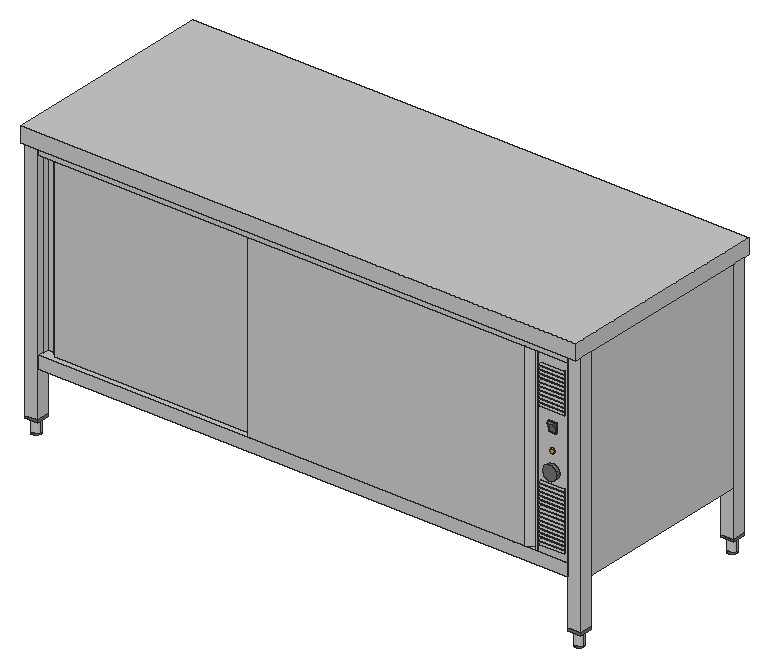
Revit family "QF_ELECTROLUXPROFESSIONAL_134048_GTC1800E", category Attrezzature speciali, Revit 2020
Family settings
  Quota connettore circolare = Usa diametro
  Tipo di parte = Normale
  Basato su piano di lavoro = No
  Sempre verticale = Sì
  Taglio con vuoti quando caricato = No
  Condiviso = No
  Punto di calcolo locali = No
Parameters (values of type "Standard")
  Weight = 100.00 kg
  Watts = 2530 W
  Volts = 220 V
  URL Manufacturer = "https://www.electroluxprofessional.com/"
  URL = "https://www.electroluxprofessional.com/"
  Steam Supply Size = 0 mm
  Steam Supply Minimum Pressure = 0.0 Pa
  Steam Supply Maximum Pressure = 0.0 Pa
  Steam Consumption per Hour = 0
  Refrigeration Suction Line Size = 0.0 mm
  Refrigeration Liquid Line Size = 0.0 mm
  Refrigerant Compressor Remote = yes
  Prospetto di default = 0.0 mm
  Produttore = "Electrolux Professional"
  Phase = 1
  Modello = "GTC1800E"
  Length Actual = 1800.0 mm  # constant formula
  Item Number = "134048"
  Hot Water Size = 0 mm
  Height Actual = 900.0 mm  # constant formula
  HP = "3.4 HP"
  Gas Size = 0 mm
  Gas KW = 0
  Gas Input Pressure = 0 W
  Direct Waste Size = 0 mm
  Descrizione = "HOT CUPBOARD 1800 MM"
  Depth Actual = 700.0 mm  # constant formula
  Cycle = 50 Hz
  Condensate Return Size = 0 mm
  Compressed Air Volume = 0.0 L/s
  Compressed Air Size = 0 mm
  Compressed Air Pressure = 0.0 Pa
  Cold Water Size = 0 mm
  Accessory = yes
Reference planes
  plane 1 "Center (Front/Back)": y = 0
  plane 2: z = 0
  plane 3 "Center (Left/Right)": x = -400
  plane 4 "LEFT": x = -1300
  plane 5 "RIGHT": x = 500
  plane 6 "BACK": y = 350
  plane 7 "FRONT": y = -350
  plane 8 "Base": z = 850
  plane 9 "TOP": z = 900
  plane 10: x = -1280
  plane 11: x = 480
  plane 12: y = 310
  plane 13: y = -310
  plane 14 "BodyLeft": x = -1300
  plane 15 "BodyFront": y = -330
  plane 16 "BodyRight": x = 500
  plane 17 "BodyBack": y = 330
  plane 18 "FEET": z = 200
  plane 19: x = -320
  plane 20: x = -580
  plane 21 "AxeSlideDoor": x = -450
  plane 22: x = 360
  plane 23: x = 410
  plane 24: y = -160
Forms (mm)
  Extrusion 1, solid, material "QF_Finishes_Stainless Steel"
    sketch origin (-400, 0, 0) x (0, 1, 0) y (0, 0, 1)
      loop
        line (-350, 850) -> (350, 850) -> (350, 900) -> (-350, 900) -> (-350, 850)
    from 900 to -900
  Extrusion 2, solid, material "QF_Finishes_Stainless Steel"
    sketch origin (0, 0, 200) x (-1, 0, 0) y (0, -1, 0)
      loop
        line (1300, -290) -> (1300, 290) -> (1260, 290) -> (1260, -290) -> (1300, -290)
      loop
        line (-460, -290) -> (-460, 290) -> (-500, 290) -> (-500, -290) -> (-460, -290)
    from 0 to 650
  Extrusion 3, solid, material "QF_Finishes_Stainless Steel"
    sketch origin (0, 0, 200) x (-1, 0, 0) y (0, -1, 0)
      loop
        line (1260, -290) -> (1260, 330) -> (-460, 330) -> (-460, -290) -> (1260, -290)
    from 0 to 40
  Extrusion 4, solid, material "QF_Finishes_Stainless Steel"
    sketch origin (0, 0, 200) x (-1, 0, 0) y (0, -1, 0)
      loop
        line (1260, -290) -> (-460, -290) -> (-460, -330) -> (1260, -330) -> (1260, -290)
    from 0 to 650
  Extrusion 5, solid, material "QF_Finishes_Stainless Steel"
    sketch origin (0, 0, 200) x (-1, 0, 0) y (0, -1, 0)
      loop
        line (-360, 330) -> (-360, 310) -> (580, 310) -> (580, 330) -> (-320, 330) -> (-340, 315) -> (-355, 315) -> (-355, 330) -> (-360, 330)
    from 40 to 620
  Extrusion 6, solid, material "QF_Finishes_Stainless Steel"
    sketch origin (0, 20, 200) x (1, 0, 0) y (0, 1, 0)
      loop
        line (-1260, -330) -> (-1255, -330) -> (-1255, -315) -> (-1240, -315) -> (-1220, -330) -> (-320, -330) -> (-320, -310) -> (-1260, -310) -> (-1260, -330)
    from 40 to 620
  Extrusion 7, solid, material "QF_Finishes_Stainless Steel"
    sketch origin (0, 0, 200) x (-1, 0, 0) y (0, -1, 0)
      loop
        line (1260, 290) -> (-460, 290) -> (-460, -290) -> (1260, -290) -> (1260, 290)
    from 350 to 390
  Extrusion 8, solid, material "QF_Finishes_Stainless Steel"
    sketch origin (0, 0, 200) x (-1, 0, 0) y (0, -1, 0)
      loop
        line (1260, 330) -> (-460, 330) -> (-460, -310) -> (1260, -310) -> (1260, 330)
    from 620 to 650
  Extrusion 9, solid, material "QF_Finishes_Stainless Steel"
    sketch origin (0, 0, 200) x (-1, 0, 0) y (0, -1, 0)
      loop
        circle (-410, 160) r 10
    from 0 to -5
Lines and regions (mm)
  symbolic lines
    curve 1: line (500, 350, 900) -> (-1300, 350, 900)
    curve 2: line (-1300, 350, 900) -> (-1300, -350, 900)
    curve 3: line (-1300, -350, 900) -> (500, -350, 900)
    curve 4: line (500, -350, 900) -> (500, 350, 900)
  symbolic lines, style "SpecialityEquipmentHiddenLines"
    curve 5: line (-1300, 330, 200) -> (500, 330, 200)
    curve 6: line (-1300, -330, 200) -> (-1300, 330, 200)
    curve 7: line (500, -330, 200) -> (-1300, -330, 200)
    curve 8: line (500, 330, 200) -> (500, -330, 200)
    curve 9: line (-1260, -290, 200) -> (-320, -290, 200)
    curve 10: line (-320, -290, 200) -> (-320, -310, 200)
    curve 11: line (-1260, -310, 200) -> (360, -310, 200)
    curve 12: line (360, -310, 200) -> (360, -330, 200)
    curve 13: line (-580, -310, 200) -> (-580, -330, 200)
    curve 14: line (-1260, -290, 200) -> (-1260, -310, 200)
Dimensions and locks
  plane 4 "LEFT" to plane 5 "RIGHT" = 1800.0 mm
  equal spacing: plane 4 "LEFT", plane 3 "Center (Left/Right)", plane 5 "RIGHT"
  locked: plane 8 "Base" to level at 850
  plane 9 "TOP" to level = 900.0 mm
  plane 6 "BACK" to plane 7 "FRONT" = 700.0 mm
  equal spacing: plane 6 "BACK", plane 1 "Center (Front/Back)", plane 7 "FRONT"
  locked: plane 4 "LEFT" to plane 14 "BodyLeft"
  locked: plane 16 "BodyRight" to plane 5 "RIGHT"
  locked: plane 15 "BodyFront" to plane 7 "FRONT" at 20
  locked: plane 6 "BACK" to plane 17 "BodyBack" at 20
  locked: plane 14 "BodyLeft" to plane 10 at 20
  locked: plane 11 to plane 16 "BodyRight" at 20
  locked: plane 13 to plane 15 "BodyFront" at 20
  locked: plane 17 "BodyBack" to plane 12 at 20
  plane 10 to plane 11 = 1760.0 mm
  plane 12 to plane 13 = 620.0 mm
  locked: plane 14 "BodyLeft" to Extrusion 2 sketch curve at 40
  Extrusion 2 sketch curve to Extrusion 2 sketch curve = 40.0 mm
  locked: plane 18 "FEET" to plane 2 at 200
  plane 22 to plane 5 "RIGHT" = 140.0 mm
  equal spacing: Extrusion 2, plane 21 "AxeSlideDoor", plane 22
  locked: plane 20 to plane 21 "AxeSlideDoor" at 130
  locked: plane 21 "AxeSlideDoor" to plane 19 at 130
  plane 24 to plane 7 "FRONT" = 190.0 mm
  plane 23 to plane 16 "BodyRight" = 90.0 mm
  aligned and locked: level to plane 2
  aligned and locked: plane 10 to nested 1
  aligned and locked: nested 1 to plane 13
  aligned and locked: plane 11 to nested 2
  aligned and locked: nested 2 to plane 13
  aligned and locked: plane 11 to nested 4
  aligned and locked: nested 4 to plane 12
  aligned and locked: plane 10 to nested 3
  aligned and locked: nested 3 to plane 12
  aligned and locked: Extrusion 1 to plane 4 "LEFT"
  aligned and locked: plane 5 "RIGHT" to Extrusion 1
  aligned and locked: curve 2 to plane 4 "LEFT"
  aligned and locked: Extrusion 2 sketch curve to plane 14 "BodyLeft"
  aligned and locked: plane 16 "BodyRight" to Extrusion 2 sketch curve
  aligned and locked: plane 8 "Base" to Extrusion 2
  aligned and locked: Extrusion 5 to Extrusion 3
  aligned and locked: Extrusion 6 sketch curve to plane 19
  aligned and locked: Extrusion 5 sketch curve to plane 20
  aligned and locked: Extrusion 1 to plane 8 "Base"
  aligned and locked: plane 9 "TOP" to Extrusion 1
  aligned and locked: curve 5 to plane 17 "BodyBack"
  aligned and locked: plane 14 "BodyLeft" to curve 6
  aligned and locked: plane 15 "BodyFront" to curve 7
  aligned and locked: plane 16 "BodyRight" to curve 8
  aligned and locked: Extrusion 3 sketch curve to Extrusion 2  (x2)
  aligned and locked: Extrusion 2 to Extrusion 4 sketch curve  (x2)
  aligned and locked: curve 7 to Extrusion 3 sketch curve
  aligned and locked: Extrusion 3 sketch curve to Extrusion 4
  aligned and locked: Extrusion 4 to plane 18 "FEET"
  aligned and locked: plane 22 to Extrusion 5 sketch curve
  aligned and locked: nested 5 to Extrusion 2
  aligned and locked: nested 5 to Extrusion 3
  aligned and locked: Extrusion 8 sketch curve to plane 15 "BodyFront"
  aligned and locked: plane 12 to Extrusion 8 sketch curve
  aligned and locked: curve 12 to plane 22
Automatic sketch dimensions
  curve 3 to plane 5 "RIGHT" = 0.0 mm
  curve 3 to plane 7 "FRONT" = 0.0 mm
  curve 2 to plane 6 "BACK" = 0.0 mm
  Extrusion 1 sketch curve to plane 7 "FRONT" = 0.0 mm
  Extrusion 1 sketch curve to plane 6 "BACK" = 0.0 mm
  Extrusion 1 sketch curve to plane 8 "Base" = 0.0 mm
  Extrusion 1 sketch curve to plane 9 "TOP" = 0.0 mm
  Extrusion 2 sketch curve to plane 12 = 20.0 mm  (x2)
  plane 13 to Extrusion 2 sketch curve = 20.0 mm  (x2)
  Extrusion 4 sketch curve to plane 17 "BodyBack" = 0.0 mm
  Extrusion 4 sketch curve to plane 12 = 20.0 mm
  Extrusion 5 sketch curve to plane 15 "BodyFront" = 0.0 mm  (x2)
  Extrusion 5 sketch curve to plane 13 = 0.0 mm
  Extrusion 5 sketch curve to plane 22 = 5.0 mm
  Extrusion 5 sketch curve to plane 13 = 5.0 mm
  Extrusion 5 sketch curve to Extrusion 5 sketch curve = 15.0 mm
  Extrusion 5 sketch curve to Extrusion 5 sketch curve = 20.0 mm
  Extrusion 6 sketch curve to plane 13 = 0.0 mm  (x2)
  Extrusion 6 sketch curve to plane 10 = 60.0 mm
  Extrusion 6 sketch curve to plane 13 = 15.0 mm
  Extrusion 6 sketch curve to Extrusion 6 sketch curve = 20.0 mm  (x2)
  Extrusion 6 sketch curve to Extrusion 6 sketch curve = 15.0 mm
  Extrusion 6 sketch curve to Extrusion 6 sketch curve = 5.0 mm
  curve 11 to plane 13 = 0.0 mm
  curve 10 to plane 19 = 0.0 mm
  curve 13 to plane 20 = 0.0 mm
  plane 10 to curve 11 = 20.0 mm
  plane 13 to curve 9 = 20.0 mm
  Extrusion 7 sketch curve to plane 11 = 20.0 mm
  plane 10 to Extrusion 7 sketch curve = 20.0 mm
  Extrusion 7 sketch curve to plane 12 = 20.0 mm
  plane 13 to Extrusion 7 sketch curve = 20.0 mm
  Extrusion 8 sketch curve to plane 11 = 20.0 mm
  plane 10 to Extrusion 8 sketch curve = 20.0 mm
  Extrusion 9 sketch curve to plane 23 = 0.0 mm
  Extrusion 9 sketch curve to plane 24 = 0.0 mm
  radius of Extrusion 9 sketch curve = 10.0 mm
Nested families
  nested 1: "FEET_40x40_APP50" at (-1280, -310, 0), type "FEET_40x40_APP50"
  nested 2: "FEET_40x40_APP50" at (480, -310, 0), type "FEET_40x40_APP50"
  nested 3: "FEET_40x40_APP50" at (-1280, 310, 0), type "FEET_40x40_APP50"
  nested 4: "FEET_40x40_APP50" at (480, 310, 0), type "FEET_40x40_APP50"
  nested 5: "WT_PNL100x580" at (546.92, -290, 605) x (1, 0, 0) z (0, -1, 0), type "WT_PNL100x580"
    with Show Logo yes
Connectors
  electrical at (410, -160, 195)
    settings: on Extrusion 9, index 1, voltage 0 V, apparent load 0 VA, apparent load phase1 0 VA, apparent load phase2 0 VA, apparent load phase3 0 VA, power factor 1, load classification "Other", number of poles 1, system type 30, power factor state 1, is connector primary yes, connector utility no, sub classification motor no, connector description "Electrical connection"
Definition of nested family "FEET_40x40_APP50"
  Parameters
    Default Elevation = 0.0 mm
    FEET = 850.0 mm
  Reference planes
    plane 1 "Center (Front/Back)": y = 0
    plane 2: z = 0
    plane 3 "Center (Left/Right)": x = 0
    plane 4: z = 850
  Forms (mm)
    Extrusion 1, solid
      sketch origin (0, 0, 0) x (1, 0, 0) y (0, 1, 0)
        loop
          line (-20, -20) -> (20, -20) -> (20, 20) -> (-20, 20) -> (-20, -20)
      from 50 to 850
    Extrusion 2, solid
      sketch origin (0, 0, 0) x (1, 0, 0) y (0, 1, 0)
        loop
          circle (0, 0) r 15
      from 0 to 5
    Extrusion 3, solid
      sketch origin (0, 0, 0) x (1, 0, 0) y (0, 1, 0)
        loop
          line (-20, -20) -> (20, -20) -> (20, 20) -> (-20, 20) -> (-20, -20)
      from 50 to 42
    Extrusion 4, solid
      sketch origin (0, 0, 0) x (1, 0, 0) y (0, 1, 0)
        loop
          circle (0, 0) r 15
      from 5 to 42
  Lines and regions (mm)
    symbolic lines
      curve 1: line (0, -1.503, 0) -> (0, 1.508, 0)
      curve 2: line (1.561, 0, 0) -> (-1.439, 0, 0)
  Dimensions and locks
    "FEET": plane 4 to plane 2
    aligned and locked: level to plane 2
  Automatic sketch dimensions
    plane 1 "Center (Front/Back)" to curve 2 = 0.0 mm
    curve 1 to plane 3 "Center (Left/Right)" = 0.0 mm
    curve 2 to plane 3 "Center (Left/Right)" = 1.439 mm
    plane 3 "Center (Left/Right)" to curve 2 = 1.561 mm
    plane 1 "Center (Front/Back)" to curve 1 = 1.503 mm
    curve 1 to plane 1 "Center (Front/Back)" = 1.508 mm
    Extrusion 1 sketch curve to plane 3 "Center (Left/Right)" = 20.0 mm
    plane 3 "Center (Left/Right)" to Extrusion 1 sketch curve = 20.0 mm
    plane 1 "Center (Front/Back)" to Extrusion 1 sketch curve = 20.0 mm
    Extrusion 1 sketch curve to plane 1 "Center (Front/Back)" = 20.0 mm
    plane 1 "Center (Front/Back)" to Extrusion 2 sketch curve = 0.0 mm
    Extrusion 2 sketch curve to plane 3 "Center (Left/Right)" = 0.0 mm
    Extrusion 3 sketch curve to plane 3 "Center (Left/Right)" = 20.0 mm
    plane 3 "Center (Left/Right)" to Extrusion 3 sketch curve = 20.0 mm
    plane 1 "Center (Front/Back)" to Extrusion 3 sketch curve = 20.0 mm
    Extrusion 3 sketch curve to plane 1 "Center (Front/Back)" = 20.0 mm
    plane 1 "Center (Front/Back)" to Extrusion 4 sketch curve = 0.0 mm
    Extrusion 4 sketch curve to plane 3 "Center (Left/Right)" = 0.0 mm
    radius of Extrusion 2 sketch curve = 15.0 mm
    radius of Extrusion 4 sketch curve = 15.0 mm
Definition of nested family "WT_PNL100x580"
  Parameters
    Show Logo [instance] = yes
    Default Elevation = 1219.2 mm
  Reference planes
    plane 1 "Center (Front/Back)": y = -75
    plane 2: z = 0
    plane 3 "Center (Left/Right)": x = -136.92
    plane 4: x = -186.92
    plane 5: x = -86.92
    plane 6 "TOP": z = 40
  Forms (mm)
    Extrusion 1, solid
      sketch origin (0, 0, 0) x (1, 0, 0) y (0, 1, 0)
        loop
          line (-1219.2, 1219.2) -> (-1219.2, -1219.2) -> (1219.2, -1219.2) -> (1219.2, 1219.2) -> (-1219.2, 1219.2)
      from 0 to -304.8
    Extrusion 2, solid
      sketch origin (0, 35, 0) x (1, 0, 0) y (0, 1, 0)
        loop
          line (-186.92, 180) -> (-186.92, -400) -> (-86.92, -400) -> (-86.92, 180) -> (-186.92, 180)
      from 0 to 40
    Extrusion 3, solid
      sketch origin (0, 35, 40) x (-1, 0, 0) y (0, -1, 0)
        loop
          circle (136.92, 151.711) r 22.964
      from 0 to 11.071
    Extrusion 4, solid
      sketch origin (-136.92, 35, 0) x (0, 1, 0) y (0, 0, 1)
        loop
          line (95.896, 40) -> (104.899, 40) -> (95.896, 41.206) -> (95.896, 40)
        loop
          line (107.896, 40) -> (116.899, 40) -> (107.896, 41.206) -> (107.896, 40)
        loop
          line (119.896, 40) -> (128.899, 40) -> (119.896, 41.206) -> (119.896, 40)
        loop
          line (131.896, 40) -> (140.899, 40) -> (131.896, 41.206) -> (131.896, 40)
        loop
          line (143.896, 40) -> (152.899, 40) -> (143.896, 41.206) -> (143.896, 40)
        loop
          line (-246.104, 40) -> (-237.101, 40) -> (-246.104, 41.206) -> (-246.104, 40)
        loop
          line (-234.104, 40) -> (-225.101, 40) -> (-234.104, 41.206) -> (-234.104, 40)
        loop
          line (-222.104, 40) -> (-213.101, 40) -> (-222.104, 41.206) -> (-222.104, 40)
        loop
          line (-210.104, 40) -> (-201.101, 40) -> (-210.104, 41.206) -> (-210.104, 40)
        loop
          line (-198.104, 40) -> (-189.101, 40) -> (-198.104, 41.206) -> (-198.104, 40)
        loop
          line (-318.104, 40) -> (-309.101, 40) -> (-318.104, 41.206) -> (-318.104, 40)
        loop
          line (-306.104, 40) -> (-297.101, 40) -> (-306.104, 41.206) -> (-306.104, 40)
        loop
          line (-294.104, 40) -> (-285.101, 40) -> (-294.104, 41.206) -> (-294.104, 40)
        loop
          line (-282.104, 40) -> (-273.101, 40) -> (-282.104, 41.206) -> (-282.104, 40)
        loop
          line (-270.104, 40) -> (-261.101, 40) -> (-270.104, 41.206) -> (-270.104, 40)
        loop
          line (-258.104, 40) -> (-249.101, 40) -> (-258.104, 41.206) -> (-258.104, 40)
        loop
          line (-366.104, 40) -> (-357.101, 40) -> (-366.104, 41.206) -> (-366.104, 40)
        loop
          line (-354.104, 40) -> (-345.101, 40) -> (-354.104, 41.206) -> (-354.104, 40)
        loop
          line (-342.104, 40) -> (-333.101, 40) -> (-342.104, 41.206) -> (-342.104, 40)
        loop
          line (-330.104, 40) -> (-321.101, 40) -> (-330.104, 41.206) -> (-330.104, 40)
        loop
          line (-378.104, 40) -> (-369.101, 40) -> (-378.104, 41.206) -> (-378.104, 40)
        loop
          line (23.896, 40) -> (32.899, 40) -> (23.896, 41.206) -> (23.896, 40)
        loop
          line (35.896, 40) -> (44.899, 40) -> (35.896, 41.206) -> (35.896, 40)
        loop
          line (47.896, 40) -> (56.899, 40) -> (47.896, 41.206) -> (47.896, 40)
        loop
          line (59.896, 40) -> (68.899, 40) -> (59.896, 41.206) -> (59.896, 40)
        loop
          line (71.896, 40) -> (80.899, 40) -> (71.896, 41.206) -> (71.896, 40)
        loop
          line (83.896, 40) -> (92.899, 40) -> (83.896, 41.206) -> (83.896, 40)
      from -40 to 40
    Extrusion 5, solid
      sketch origin (0, -5, 40) x (-1, 0, 0) y (0, -1, 0)
        loop
          line (123.92, -32.89) -> (149.92, -32.89) -> (149.92, -1.89) -> (123.92, -1.89) -> (123.92, -32.89)
        loop
          line (148.92, -31.89) -> (148.92, -2.89) -> (124.92, -2.89) -> (124.92, -31.89) -> (148.92, -31.89)
      from 0 to 1.6
    Extrusion 6, solid
      sketch origin (0, 95, 40) x (-1, 0, 0) y (0, -1, 0)
        loop
          circle (136.92, 151.711) r 7
      from 0 to 1.6
    Extrusion 7, solid
      sketch origin (-136.92, 35, 0) x (0, 1, 0) y (0, 0, 1)
        loop
          line (-37.11, 38) -> (-8.11, 38) -> (-8.11, 41.206)
          arc (-8.11, 41.206) -> (-8.756, 45.488) -> (-10.639, 49.389) r 14.5
          arc (-10.639, 49.389) -> (-23.172, 43.026) -> (-37.11, 41.206) r 41.552
          line (-37.11, 41.206) -> (-37.11, 38)
      from -12 to 12
  Dimensions and locks
    equal spacing: plane 4, plane 3 "Center (Left/Right)", plane 5
    plane 6 "TOP" to level = 40.0 mm
    Extrusion 2 to Extrusion 2 = 580.0 mm
    plane 4 to plane 5 = 100.0 mm
    aligned and locked: plane 2 to Extrusion 1
    aligned and locked: level to Extrusion 1
  Automatic sketch dimensions
    Extrusion 1 sketch curve to Extrusion 1 sketch curve = 2438.4 mm  (x2)
    Extrusion 2 sketch curve to plane 4 = 0.0 mm
    Extrusion 2 sketch curve to plane 5 = 0.0 mm
    Extrusion 3 sketch curve to plane 3 "Center (Left/Right)" = 0.0 mm
    plane 1 "Center (Front/Back)" to Extrusion 3 sketch curve = 41.711 mm
    plane 3 "Center (Left/Right)" to Extrusion 5 sketch curve = 13.0 mm
    Extrusion 5 sketch curve to plane 3 "Center (Left/Right)" = 13.0 mm
    Extrusion 5 sketch curve to plane 1 "Center (Front/Back)" = 102.89 mm
    Extrusion 5 sketch curve to Extrusion 5 sketch curve = 31.0 mm
    Extrusion 6 sketch curve to plane 3 "Center (Left/Right)" = 0.0 mm
    Extrusion 6 sketch curve to plane 1 "Center (Front/Back)" = 18.289 mm
    Extrusion 4 sketch curve to plane 6 "TOP" = 0.0 mm  (x27)
    Extrusion 4 sketch curve to Extrusion 4 sketch curve = 9.003 mm  (x27)
    Extrusion 4 sketch curve to Extrusion 4 sketch curve = 2.997 mm  (x25)
    plane 6 "TOP" to Extrusion 4 sketch curve = 1.206 mm  (x27)
    Extrusion 4 sketch curve to plane 1 "Center (Front/Back)" = 133.896 mm
    Extrusion 5 sketch curve to Extrusion 5 sketch curve = 1.0 mm  (x4)
    Extrusion 7 sketch curve to plane 6 "TOP" = 2.0 mm
    Extrusion 7 sketch curve to plane 1 "Center (Front/Back)" = 72.89 mm
    Extrusion 7 sketch curve to plane 1 "Center (Front/Back)" = 74.556 mm
    plane 6 "TOP" to Extrusion 7 sketch curve = 1.206 mm  (x2)
    Extrusion 7 sketch curve to Extrusion 7 sketch curve = 14.5 mm  (x2)
    Extrusion 7 sketch curve to Extrusion 7 sketch curve = 2.529 mm
    Extrusion 2 sketch curve to plane 1 "Center (Front/Back)" = 290.0 mm
    plane 1 "Center (Front/Back)" to Extrusion 2 sketch curve = 290.0 mm
    plane 1 "Center (Front/Back)" to Extrusion 4 sketch curve = 79.101 mm
    radius of Extrusion 3 sketch curve = 22.964 mm
    radius of Extrusion 6 sketch curve = 7.0 mm
